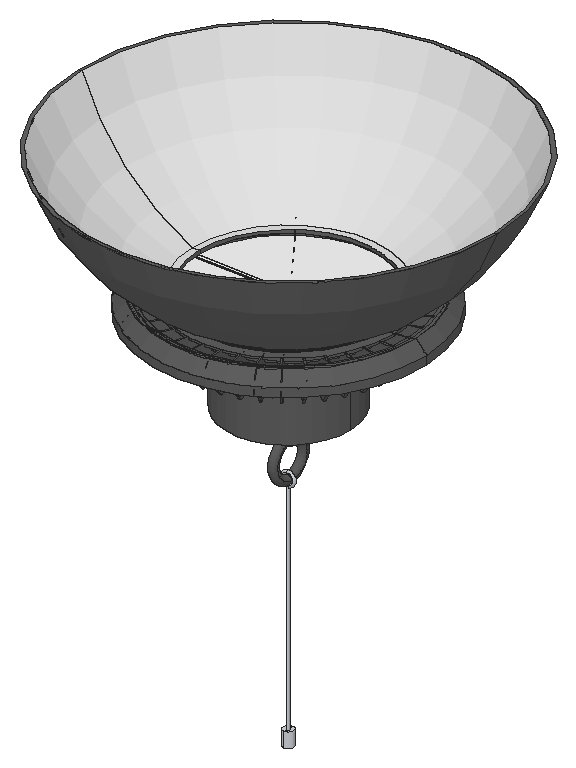
Revit family "0039347+0039357 Feilo Sylvania Lighting Fixture START HIGHBAY 4K 13KLM WIDE with ALU SHADE BLACK COLOR FOR 13_19KLM", category Lighting Fixtures, host Face, Revit 2017
Family settings
  Host = Face
  Round Connector Dimension = Use Diameter
  Part Type = Normal
  OmniClass Number = 23.80.70.00
  OmniClass Title = Lighting
  Cut with Voids When Loaded = No
  Light Source = Yes
  Shared = No
  Room Calculation Point = No
Parameters (values of type "0039347+0039357 START HIGHBAY 4K 13KLM WIDE ALU SHADE BLACK COLOR FOR 13/19KLM")
  WidthStraight_FEILO = if(SizeS_FEILO, 3 mm, if(SizeM_FEILO, 4 mm, 4.7 mm))  # 3 mm
  WidthRingChamfer_FEILO = if(SizeS_FEILO, 10.3 mm, if(SizeM_FEILO, 11.2 mm, 12.9 mm))  # 10.3 mm
  WidthCurved_FEILO = if(SizeS_FEILO, 17.4 mm, if(SizeM_FEILO, 16.4 mm, 26.2 mm))  # 17.4 mm
  WidthCurvedRing_FEILO = if(SizeS_FEILO, 3 mm, if(SizeM_FEILO, 4 mm, 4.7 mm))  # 3 mm
  WidthBracket_FEILO = 40 mm
  Weight = "3.0 kg"
  Wattage Comments = ""
  Wattage = 100 W
  WarrantyStartDate [instance] = "n/a"
  WarrantyGuarantorParts = "n/a"
  WarrantyDurationUnit = "n/a"
  WarrantyDurationParts = "n/a"
  WarrantyDescription = "n/a"
  built-in parameter 1150110 = 1 (stored number, unit not read)
  Voltage = 230 V
  VisibilityBracket_FEILO = no
  URL = "http://www.sylvania-lighting.com"
  TypeName = "START HIGHBAY 4K 13KLM WIDE ALU SHADE BLACK COLOR FOR 13/19KLM"
  Type Image = <None>
  Type Comments = "n/a"
  built-in parameter 1114217 = 1 (stored number, unit not read)
  Tilt Angle = -90.00°
  ThicknessWall_FEILO = 1.5 mm
  ThicknessBracket_FEILO = 1.5 mm
  ThicknessBracketHalf_FEILO = ThicknessBracket_FEILO / 2  # 0.75 mm
  built-in parameter 1150109 = 1 (stored number, unit not read)
  built-in parameter 1150134 = 12
  SuspensionHeight_FEILO [instance] = 400 mm
  built-in parameter 1150113 = 1 (stored number, unit not read)
  SizeS_FEILO = yes
  SizeM_FEILO = no
  ShadeThickness_FEILO = 3 mm
  ShadeSizeSM_FEILO = or(SizeS_FEILO, SizeM_FEILO)  # yes
  ShadeRadiusOut_FEILO = 205 mm
  ShadeRadiusIn_FEILO = if(ShadeSizeSM_FEILO, 95 mm, 121 mm)  # 95 mm
  ShadeRadiusBend_FEILO = if(ShadeSizeSM_FEILO, 210 mm, 210 mm)  # 210 mm
  ShadeHeight_FEILO = if(ShadeSizeSM_FEILO, 120 mm, 151 mm)  # 120 mm
  SerialNumber [instance] = "n/a"
  Rib4_FEILO = if(SizeS_FEILO, 18.1 mm, if(SizeM_FEILO, 13.6 mm, 14.6 mm))  # 18.1 mm
  Rib3_FEILO = if(SizeS_FEILO, 15.3 mm, if(SizeM_FEILO, 17.6 mm, 20.2 mm))  # 15.3 mm
  Rib2_FEILO = if(SizeS_FEILO, 3.6 mm, if(SizeM_FEILO, 3.9 mm, 4.5 mm))  # 3.6 mm
  Rib1_FEILO = if(SizeS_FEILO, 15.1 mm, if(SizeM_FEILO, 16.5 mm, 19 mm))  # 15.1 mm
  RadiusDiffuser_FEILO = if(SizeS_FEILO, 95.2 mm, if(SizeM_FEILO, 105.3 mm, 120 mm))  # 95.2 mm
  RadiusArrayPost_FEILO = DriverRadius_FEILO - 6 mm  # 55.4 mm
  RHRadius3_FEILO = if(SizeS_FEILO, 6.6 mm, if(SizeM_FEILO, 7.4 mm, 8.6 mm))  # 6.6 mm
  RHRadius2_FEILO = if(SizeS_FEILO, 11 mm, if(SizeM_FEILO, 12 mm, 14 mm))  # 11 mm
  RHRadius1_FEILO = if(SizeS_FEILO, 13.6 mm, if(SizeM_FEILO, 14.9 mm, 17.7 mm))  # 13.6 mm
  RHHeight4_FEILO = if(SizeS_FEILO, 7.3 mm, if(SizeM_FEILO, 8 mm, 9.2 mm))  # 7.3 mm
  RHHeight3_FEILO = if(SizeS_FEILO, 3.6 mm, if(SizeM_FEILO, 3.7 mm, 4.6 mm))  # 3.6 mm
  RHHeight2_FEILO = if(SizeS_FEILO, 2 mm, if(SizeM_FEILO, 2.2 mm, 2.6 mm))  # 2 mm
  RHHeight1_FEILO = if(SizeS_FEILO, 11.8 mm, if(SizeM_FEILO, 15.3 mm, 17.4 mm))  # 11.8 mm
  Photometric Web File = "0039347+0039357.ies"
  Material_5_FEILO = Shade-Sylvania-StartHighbay-Alu
  Material_3_FEILO = LED-Sylvania-StartHighbay-Glow
  PowerFactor = 0.95
  PowerConsumption = "100 W"
  NominalLength = 270 mm
  NominalHeight = 170 mm
  NominalDepth = 270 mm
  Name = "START HIGHBAY 4K 13KLM WIDE ALU SHADE BLACK COLOR FOR 13/19KLM"
  ModelReference = Name  # "START HIGHBAY 4K 13KLM WIDE ALU SHADE BLACK COLOR FOR 13/19KLM"
  ModelNumber = "0039347+0039357"
  Model = Name  # "START HIGHBAY 4K 13KLM WIDE ALU SHADE BLACK COLOR FOR 13/19KLM"
  Material = "aluminium alloy housing, polycarbonate diffuser"
  ManufacturerName = "Feilo Sylvania"
  Manufacturer = "Feilo Sylvania"
  LuminousEfficacy = "130 lm/W"
  built-in parameter 1150105 = 7435 (stored number, unit not read)
  Lumens = 13000 lm
  LuminaireType = ""
  built-in parameter 1150115 = 1 (stored number, unit not read)
  LightOutputRatio = "n/a"
  built-in parameter 1150137 = (empty or 0)
  built-in parameter 1150139 = (empty or 0)
  LampsType = Lamp  # "LED"
  LampNominalLuminous = "13000 lm"
  LampMacAdamStep = "n/a"
  LampColourTemperature = "4000 K"
  LampColourRenderingIndex = "80"
  built-in parameter 1150112 = 1 (stored number, unit not read)
  built-in parameter 1150114 = 1 (stored number, unit not read)
  Lamp = "LED"
  Keynote = "16500"
  InstallationDate [instance] = "n/a"
  InputVoltage = "220-240V~"
  InputNominalFrequency = "50/60 Hz"
  built-in parameter 1150132 = (empty or 0)
  built-in parameter 1150102 = (empty or 0)
  built-in parameter 1150107 = 4000 (stored number, unit not read)
  built-in parameter 1150138 = (empty or 0)
  IngressProtection = "IP65"
  ImpactProtectionIndex = "IK08"
  built-in parameter 1150106 = 74.35 (stored number, unit not read)
  IfcExportType = "IfcLightFixtureType"
  IfcExportAs = "IfcLightFixtureType"
  HeightRing_FEILO = if(SizeS_FEILO, 19.8 mm, if(SizeM_FEILO, 32 mm, 36.8 mm))  # 19.8 mm
  HeightRingChamfer_FEILO = if(SizeS_FEILO, 11.7 mm, if(SizeM_FEILO, 23.2 mm, 26.6 mm))  # 11.7 mm
  EyeThickness_FEILO = if(SizeS_FEILO, 8.4 mm, if(SizeM_FEILO, 9.2 mm, 10.5 mm))  # 8.4 mm
  EyeThicknessHalf_FEILO = EyeThickness_FEILO / 2  # 4.2 mm
  EyeInner_FEILO = if(SizeS_FEILO, 13.8 mm, if(SizeM_FEILO, 15.1 mm, 17.3 mm))  # 13.8 mm
  ExpectedLife = 50000
  Emit from Circle Diameter = RadiusDiffuser_FEILO * 2  # 190.4 mm
  Emit Shape Visible in Rendering = no
  ElectricShockClassification = "Class I"
  built-in parameter 1150104 = 12.077 (stored number, unit not read)
  DurationUnit = "hours"
  DriverVerticalStraight_FEILO = if(SizeS_FEILO, 46.5 mm, if(SizeM_FEILO, 49.7 mm, 57 mm))  # 46.5 mm
  DriverVerticalChamfer_FEILO = if(SizeS_FEILO, 7.5 mm, if(SizeM_FEILO, 8.2 mm, 9.5 mm))  # 7.5 mm
  DriverRadius_FEILO = if(SizeS_FEILO, 61.4 mm, if(SizeM_FEILO, 67.2 mm, 76.4 mm))  # 61.4 mm
  DriverRadiusTop_FEILO = if(SizeS_FEILO, 42 mm, if(SizeM_FEILO, 45.3 mm, 52.4 mm))  # 42 mm
  DriverBottom_FEILO = if(SizeS_FEILO, 56 mm, if(SizeM_FEILO, 64.5 mm, 74 mm))  # 56 mm
  DocumentationLiterature = "http://www.sylvania-lighting.com/product/en-int/products/0039347"
  DimmingControlOptions = "n/a"
  Material_2_FEILO = Diffuser-Sylvania-StartHighbay-Transparent
  Radius_FEILO = if(SizeS_FEILO, 135 mm, if(SizeM_FEILO, 148 mm, 169.5 mm))  # 135 mm
  Dimming Lamp Color Temperature Shift = <None>
  DiameterWire_FEILO = 3 mm
  DiameterWireSupport_FEILO = 10 mm
  Description = "START HIGHBAY, includes 1 m cables, black aluminium housing, 13000LM, 100W, 130lm/W, 4000K, Driver current: 2140mA, CR80, 90° beam angle, 1-10V dimmable,  IP65, IK08, 50,000 hrs (L70B50), (LxWxH) 270x270x170mm"
  Default Elevation = 1219.2 mm
  CreatedOn = "2/28/2018"
  CreatedBy = ""
  Cost = 0
  Color Filter = 16777215
  built-in parameter 1114216 [instance] = (empty or 0)
  ClassificationValue = "EF_70_80"
  ClassificationName = "Uniclass2015"
  Material_1_FEILO = Body-Sylvania-StartHighbay-Black
  BarCode [instance] = "n/a"
  built-in parameter 1114218 = 1 (stored number, unit not read)
  built-in parameter 1150133 = 10 (stored number, unit not read)
  AssetType = "Fixed"
  AssetIdentifier [instance] = "n/a"
  Assembly Code = "D5020200"
  Apparent Load = 100 VA
  Material_4_FEILO = Shade-Sylvania-StartHighbay-Black
Reference planes
  plane 1 "Center (Front/Back)": y = 0
  plane 2: z = 0
  plane 3 "Center (Left/Right)": x = 0
  plane 4: z = 400
  plane 5: x = -135
  plane 6: x = -124.7
  plane 7: z = 388.3
  plane 8: z = 380.2
  plane 9: x = -121.7
  plane 10: z = 397.375
  plane 11: x = -104.3
  plane 12: x = -95.2
  plane 13: x = -118.7
  plane 14: z = 398.375
  plane 15: z = 396.375
  plane 16: x = -92.2
  plane 17: z = 395.375
  plane 18: x = -133.5
  plane 19: x = -119.9
  plane 20: z = 376.6
  plane 21: x = -104.6
  plane 22: z = 358.5
  plane 23: x = -20
  plane 24: z = 344
  plane 25: x = -61.4
  plane 26: z = 297.5
  plane 27: x = -42
  plane 28: z = 290
  plane 29: x = -13.6
  plane 30: z = 278.2
  plane 31: z = 276.2
  plane 32: x = -11
  plane 33: z = 272.6
  plane 34: z = 265.3
  plane 35: x = -6.6
  plane 36: z = 251.5
  plane 37: z = 237.7
  plane 38: x = 4.2
  plane 39: x = -4.2
  plane 40: z = 229.3
  plane 41: z = 233.5
  plane 42: x = -129.1
  plane 43: x = -132.5
  plane 44: z = 378.7
  plane 45: x = -123.2
  plane 46: z = 320.75
  plane 47: y = -20
  plane 48: y = 20
  plane 49: x = 135
  plane 50: x = 124.7
  plane 51: x = 133.5
  plane 52: x = 129.1
  plane 53: x = 132.5
  plane 54: x = 123.2
  plane 55: z = 240.7
  plane 56: y = 1.5
  plane 57: y = -1.5
  plane 58: z = 239.2
  plane 59: z = 227.8
  plane 60: z = 226.3
  plane 61: y = -5
  plane 62: y = 5
  plane 63: z = 14
  plane 64: x = -205
  plane 65: z = 520
  plane 66: x = -95
  plane 67: x = -87
  plane 68: x = -202
  plane 69: z = 403
Forms (mm)
  Revolve 1, solid, material "Body-Sylvania-StartHighbay-Black" <- "Material_1_FEILO", detail levels medium+fine
    sketch origin (0, 0, 0) x (1, 0, 0) y (0, 0, 1)
      loop
        line (-135, 380.2) -> (-133.5, 380.2) -> (-133.5, 387.734) -> (-125.012, 397.375) -> (-118.7, 397.375) -> (-118.7, 399.16)
        arc (-118.7, 399.16) -> (-120.206, 399.56) -> (-121.7, 400) r 58.981
        line (-121.7, 400) -> (-124.241, 400)
        arc (-124.241, 400) -> (-124.657, 399.911) -> (-124.999, 399.66) r 1.015
        line (-124.999, 399.66) -> (-135, 388.3) -> (-135, 380.2)
      axis (0, 400) -> (0, 380.2)
    angle from 360 to 0
  Revolve 2, solid, material "Body-Sylvania-StartHighbay-Black" <- "Material_1_FEILO", detail levels medium+fine
    sketch origin (0, 0, 0) x (1, 0, 0) y (0, 0, 1)
      loop
        line (-104.3, 395.375) -> (-95.2, 395.375) -> (-95.2, 388.3) -> (0, 388.3) -> (0, 395.375) -> (-92.2, 395.375) -> (-92.2, 396.375) -> (-95.2, 396.375) -> (-95.2, 397.375) -> (-104.3, 397.375) -> (-104.3, 395.375)
      axis (0, 397.375) -> (0, 388.3)
    angle from 360 to 0
  Revolve 3, solid, material "Diffuser-Sylvania-StartHighbay-Transparent" <- "Material_2_FEILO", detail levels medium+fine
    sketch origin (0, 0, 0) x (1, 0, 0) y (0, 0, 1)
      loop
        line (-95.2, 396.375) -> (0, 396.375) -> (0, 398.375) -> (-95.2, 398.375) -> (-95.2, 396.375)
      axis (0, 398.375) -> (0, 396.375)
    angle from 360 to 0
  Revolve 4, solid, material "Body-Sylvania-StartHighbay-Black" <- "Material_1_FEILO"
    sketch origin (0, 0, 0) x (1, 0, 0) y (0, 0, 1)
      loop
        line (-61.4, 358.5) -> (-61.4, 297.5) -> (-42, 290) -> (-13.6, 290) -> (-13.6, 278.2) -> (-11, 276.2) -> (-11, 272.6) -> (-7.037, 266.026)
        arc (-7.037, 266.026) -> (-6.49, 265.494) -> (-5.753, 265.3) r 1.5
        line (-5.753, 265.3) -> (0, 265.3) -> (0, 358.5) -> (-61.4, 358.5)
      axis (0, 358.5) -> (0, 265.3)
    angle from 360 to 0
  Revolve 5, solid, material "Body-Sylvania-StartHighbay-Black" <- "Material_1_FEILO"
    sketch origin (0, 0, 0) x (1, 0, 0) y (0, 0, 1)
      loop
        circle (0, 233.5) r 4.2
      axis (4.2, 251.5) -> (-4.2, 251.5)
    angle from 360 to 0
  Extrusion 6, solid, material "Body-Sylvania-StartHighbay-Black" <- "Material_1_FEILO", visible <- "VisibilityBracket_FEILO"
    sketch origin (0, 0, 0) x (1, 0, 0) y (0, 0, 1)
      loop
        line (-132.5, 380.2) -> (-132.5, 378.7) -> (-125.45, 378.7)
        arc (-125.45, 378.7) -> (-124.92, 378.48) -> (-124.7, 377.95) r 0.75
        line (-124.7, 377.95) -> (-124.7, 320.75) -> (-123.2, 320.75) -> (-123.2, 378.7)
        arc (-123.2, 378.7) -> (-123.639, 379.761) -> (-124.7, 380.2) r 1.5
        line (-124.7, 380.2) -> (-132.5, 380.2)
      loop
        line (132.5, 380.2) -> (124.7, 380.2)
        arc (124.7, 380.2) -> (123.639, 379.761) -> (123.2, 378.7) r 1.5
        line (123.2, 378.7) -> (123.2, 320.75) -> (124.7, 320.75) -> (124.7, 377.95)
        arc (124.7, 377.95) -> (124.92, 378.48) -> (125.45, 378.7) r 0.75
        line (125.45, 378.7) -> (132.5, 378.7) -> (132.5, 380.2)
    from -20 to 20
  Extrusion 7, void
    sketch origin (0, 0, 0) x (0, 1, 0) y (0, 0, 1)
      loop
        arc (-10, 320.75) -> (-17.071, 323.679) -> (-20, 330.75) r 10
        line (-20, 330.75) -> (-25, 330.75) -> (-25, 315.75) -> (-10, 315.75) -> (-10, 320.75)
      loop
        line (10, 320.75) -> (10, 315.75) -> (25, 315.75) -> (25, 330.75) -> (20, 330.75)
        arc (20, 330.75) -> (17.071, 323.679) -> (10, 320.75) r 10
    from -124.7 to 124.7
  Revolve 8, solid, material "Body-Sylvania-StartHighbay-Black" <- "Material_1_FEILO", detail levels coarse
    sketch origin (0, 0, 0) x (1, 0, 0) y (0, 0, 1)
      loop
        line (0, 400) -> (-124.7, 400) -> (-135, 388.3) -> (-135, 380.2) -> (-119.9, 380.2) -> (-119.9, 376.6) -> (-104.6, 358.5) -> (0, 358.5) -> (0, 400)
      axis (0, 400) -> (0, 358.5)
    angle from 360 to 0
  Revolve 9, solid
    sketch origin (0, 0, 0) x (0, 1, 0) y (0, 0, 1)
      loop
        circle (0, 239.2) r 1.5
      axis (1.5, 233.5) -> (-1.5, 233.5)
    angle from 360 to 0
  Revolve 10, solid
    sketch origin (0, 0, 0) x (0, 1, 0) y (0, 0, 1)
      loop
        line (0, 0) -> (0, 227.8) -> (-1.5, 227.8) -> (-1.5, 14) -> (-5, 14) -> (-5, 0) -> (0, 0)
      axis (0, 0) -> (0, 227.8)
    angle from 360 to 0
  Revolve 11, solid, material "Shade-Sylvania-StartHighbay-Black" <- "Material_4_FEILO"
    sketch origin (0, 0, 0) x (1, 0, 0) y (0, 0, 1)
      loop
        line (-95, 400) -> (-87, 400) -> (-87, 403) -> (-94.341, 403)
        arc (-94.341, 403) -> (-159.747, 450.78) -> (-201.81, 520) r 207
        line (-201.81, 520) -> (-205, 520)
        arc (-205, 520) -> (-162.101, 448.908) -> (-95, 400) r 210
      axis (0, 520) -> (0, 400)
    angle from 360 to 0
Cuts and joins
  Extrusion 7 cuts Extrusion 6
Lines and regions (mm)
  reference lines
    curve 1: line (-135, 0, 388.3) -> (-124.7, 0, 400)
    curve 2: line (-104.3, 0, 397.375) -> (0, 0, 397.375)
    curve 3: arc (-104.3, 0, 397.375) -> (-113.098, 0, 398.035) -> (-121.7, 0, 400) r 58.981
    curve 4: line (-124.7, 0, 400) -> (-121.7, 0, 400)
    curve 5: line (-125.012, 0, 397.375) -> (-133.5, 0, 387.734)
    curve 6: line (-119.9, 0, 376.6) -> (-104.6, 0, 358.5)
    curve 7: line (-11, 0, 272.6) -> (-6.6, 0, 265.3)
    curve 8: circle (0, 0, 233.5) r 4.2 normal (0, -1, 0)
    curve 9: arc (-95, 0, 400) -> (-162.101, 0, 448.908) -> (-205, 0, 520) r 210
Dimensions and locks
  "Radius_FEILO": plane 3 "Center (Left/Right)" to plane 5
  "WidthRingChamfer_FEILO": plane 6 to plane 5
  "WidthStraight_FEILO": plane 9 to plane 6
  "WidthCurvedRing_FEILO": plane 13 to plane 9
  locked: plane 10 to plane 15 at 1
  locked: plane 14 to plane 10 at 1
  locked: plane 4 to plane 10 at 2.625
  locked: plane 15 to plane 17 at 1
  "ThicknessWall_FEILO": plane 18 to plane 5
  "ThicknessWall_FEILO": curve 5 to curve 1
  "HeightRingChamfer_FEILO": plane 4 to plane 7
  "HeightRing_FEILO": plane 4 to plane 8
  "RadiusDiffuser_FEILO": plane 3 "Center (Left/Right)" to plane 12
  locked: plane 16 to plane 12 at 3
  "WidthCurved_FEILO": plane 11 to plane 9
  "SuspensionHeight_FEILO": plane 4 to plane 2
  "Rib1_FEILO": plane 19 to plane 5
  "Rib2_FEILO": plane 8 to plane 20
  "Rib3_FEILO": plane 21 to plane 19
  "Rib4_FEILO": plane 20 to plane 22
  locked: plane 3 "Center (Left/Right)" to plane 23 at 20
  "DriverBottom_FEILO": plane 4 to plane 24
  "DriverRadius_FEILO": plane 3 "Center (Left/Right)" to plane 25
  "DriverVerticalStraight_FEILO": plane 24 to plane 26
  "DriverRadiusTop_FEILO": plane 3 "Center (Left/Right)" to plane 27
  "DriverVerticalChamfer_FEILO": plane 26 to plane 28
  "RHRadius1_FEILO": plane 3 "Center (Left/Right)" to plane 29
  "RHHeight2_FEILO": plane 30 to plane 31
  "RHRadius2_FEILO": plane 3 "Center (Left/Right)" to plane 32
  "RHHeight3_FEILO": plane 31 to plane 33
  "RHHeight4_FEILO": plane 33 to plane 34
  "RHRadius3_FEILO": plane 3 "Center (Left/Right)" to plane 35
  "RHHeight1_FEILO": plane 28 to plane 30
  "EyeInner_FEILO": plane 34 to plane 36
  "EyeInner_FEILO": plane 36 to plane 37
  equal spacing: plane 38, plane 3 "Center (Left/Right)", plane 39
  "EyeThickness_FEILO": plane 38 to plane 39
  "EyeThickness_FEILO": plane 37 to plane 40
  equal spacing: plane 37, plane 41, plane 40
  equal spacing: plane 6, plane 42, plane 18
  "ThicknessBracket_FEILO": plane 45 to plane 6
  "ThicknessBracket_FEILO": plane 8 to plane 44
  locked: plane 43 to plane 18 at 1
  equal spacing: plane 24, plane 46, plane 26
  equal spacing: plane 47, plane 1 "Center (Front/Back)", plane 48
  "WidthBracket_FEILO": plane 47 to plane 48
  "WidthRingChamfer_FEILO": plane 50 to plane 49
  "ThicknessWall_FEILO": plane 51 to plane 49
  equal spacing: plane 50, plane 52, plane 51
  "ThicknessBracket_FEILO": plane 54 to plane 50
  locked: plane 53 to plane 51 at 1
  "Radius_FEILO": plane 49 to plane 3 "Center (Left/Right)"
  equal spacing: plane 57, imposter light, plane 56
  "DiameterWire_FEILO": plane 57 to plane 56
  "DiameterWire_FEILO": plane 37 to plane 55
  equal spacing: plane 37, plane 58, plane 55
  "DiameterWire_FEILO": plane 60 to plane 40
  equal spacing: plane 60, plane 59, plane 40
  equal spacing: plane 61, plane 1 "Center (Front/Back)", plane 62
  "DiameterWireSupport_FEILO": plane 61 to plane 62
  locked: plane 63 to plane 2 at 14
  "ShadeRadiusOut_FEILO": plane 3 "Center (Left/Right)" to plane 64
  "ShadeHeight_FEILO": plane 65 to plane 4
  "ShadeRadiusIn_FEILO": plane 3 "Center (Left/Right)" to plane 66
  locked: plane 67 to plane 66 at 8
  "ShadeThickness_FEILO": plane 69 to plane 4
  "ShadeThickness_FEILO": plane 68 to plane 64
  "EyeThicknessHalf_FEILO": radius of curve 8
  "ThicknessBracket_FEILO": radius of Extrusion 6 sketch curve  (x2)
  "ThicknessBracketHalf_FEILO": radius of Extrusion 6 sketch curve  (x2)
  "DiameterWire_FEILO": diameter of Revolve 9 sketch curve
  "ShadeRadiusBend_FEILO": radius of curve 9
  aligned and locked: plane 2 to host face
  aligned and locked: level to host face
  aligned and locked: plane 5 to curve 1
  aligned and locked: plane 6 to curve 1
  aligned and locked: plane 7 to curve 1
  aligned and locked: plane 10 to curve 2
  aligned and locked: plane 9 to curve 3
  aligned and locked: plane 4 to curve 3
  aligned and locked: plane 11 to curve 3
  aligned and locked: plane 4 to curve 4
  aligned and locked: plane 18 to curve 5
  aligned and locked: plane 10 to curve 5
  aligned and locked: Revolve 1 sketch curve to plane 3 "Center (Left/Right)"
  aligned and locked: Revolve 1 sketch curve to curve 3
  aligned and locked: Revolve 1 sketch curve to curve 1
  aligned and locked: plane 4 to Revolve 1 sketch curve
  aligned and locked: plane 9 to Revolve 1 sketch curve
  aligned and locked: Revolve 1 sketch curve to plane 13
  aligned and locked: Revolve 1 sketch curve to plane 10
  aligned and locked: plane 13 to Revolve 1 sketch curve
  aligned and locked: plane 10 to Revolve 1 sketch curve
  aligned and locked: Revolve 1 sketch curve to plane 18
  aligned and locked: Revolve 1 sketch curve to plane 8
  aligned and locked: plane 5 to Revolve 1 sketch curve  (x2)
  aligned and locked: Revolve 2 sketch curve to plane 3 "Center (Left/Right)"
  aligned and locked: plane 11 to Revolve 2 sketch curve
  aligned and locked: Revolve 2 sketch curve to curve 2
  aligned and locked: plane 15 to Revolve 2 sketch curve
  aligned and locked: Revolve 2 sketch curve to plane 16
  aligned and locked: plane 17 to Revolve 2 sketch curve  (x2)
  aligned and locked: Revolve 2 sketch curve to plane 12
  aligned and locked: plane 7 to Revolve 2 sketch curve
  aligned and locked: Revolve 3 sketch curve to plane 3 "Center (Left/Right)"
  aligned and locked: Revolve 3 sketch curve to plane 14
  aligned and locked: plane 3 "Center (Left/Right)" to Revolve 3 sketch curve
  aligned and locked: Revolve 3 sketch curve to plane 12
  aligned and locked: plane 15 to Revolve 3 sketch curve
  aligned and locked: Revolve 1 sketch curve to curve 5
  aligned and locked: plane 22 to curve 6
  aligned and locked: plane 21 to curve 6
  aligned and locked: plane 20 to curve 6
  aligned and locked: plane 19 to curve 6
  aligned and locked: plane 33 to curve 7
  aligned and locked: plane 32 to curve 7
  aligned and locked: plane 35 to curve 7
  aligned and locked: plane 34 to curve 7
  aligned and locked: Revolve 4 sketch curve to plane 3 "Center (Left/Right)"
  aligned and locked: Revolve 4 sketch curve to plane 25
  aligned and locked: plane 27 to Revolve 4 sketch curve
  aligned and locked: plane 28 to Revolve 4 sketch curve
  aligned and locked: plane 30 to Revolve 4 sketch curve
  aligned and locked: Revolve 4 sketch curve to plane 29
  aligned and locked: plane 31 to Revolve 4 sketch curve
  aligned and locked: Revolve 4 sketch curve to curve 7
  aligned and locked: Revolve 4 sketch curve to plane 32
  aligned and locked: plane 34 to Revolve 4 sketch curve
  aligned and locked: plane 3 "Center (Left/Right)" to Revolve 4 sketch curve
  aligned and locked: plane 3 "Center (Left/Right)" to curve 8
  aligned and locked: plane 41 to curve 8
  aligned and locked: Revolve 5 sketch curve to plane 36
  aligned and locked: Revolve 5 sketch curve to curve 8
  aligned and locked: plane 43 to Extrusion 6 sketch curve  (x2)
  aligned and locked: plane 8 to Extrusion 6 sketch curve  (x3)
  aligned and locked: Extrusion 6 sketch curve to plane 45
  aligned and locked: Extrusion 6 sketch curve to plane 46  (x2)
  aligned and locked: plane 6 to Extrusion 6 sketch curve
  aligned and locked: Extrusion 6 sketch curve to plane 44  (x2)
  aligned and locked: Extrusion 6 to plane 48
  aligned and locked: plane 47 to Extrusion 6
  aligned and locked: plane 53 to Extrusion 6 sketch curve
  aligned and locked: plane 50 to Extrusion 6 sketch curve
  aligned and locked: Extrusion 6 sketch curve to plane 54
  aligned and locked: Extrusion 7 sketch curve to Extrusion 7 sketch curve
  aligned and locked: Extrusion 7 to plane 6
  aligned and locked: Extrusion 7 to Extrusion 6
  aligned and locked: Revolve 4 sketch curve to plane 22
  aligned and locked: plane 23 to nested 1
  aligned and locked: plane 1 "Center (Front/Back)" to nested 1
  aligned and locked: Revolve 8 sketch curve to plane 3 "Center (Left/Right)"
  aligned and locked: Revolve 8 sketch curve to plane 4
  aligned and locked: plane 6 to Revolve 8 sketch curve
  aligned and locked: plane 4 to Revolve 8 sketch curve
  aligned and locked: plane 7 to Revolve 8 sketch curve
  aligned and locked: Revolve 8 sketch curve to plane 5
  aligned and locked: plane 8 to Revolve 8 sketch curve  (x2)
  aligned and locked: Revolve 8 sketch curve to plane 19
  aligned and locked: plane 20 to Revolve 8 sketch curve
  aligned and locked: plane 19 to Revolve 8 sketch curve
  aligned and locked: plane 21 to Revolve 8 sketch curve
  aligned and locked: plane 22 to Revolve 8 sketch curve  (x2)
  aligned and locked: Revolve 8 sketch curve to Revolve 8 sketch curve
  aligned and locked: imposter light to plane 4
  aligned and locked: plane 3 "Center (Left/Right)" to imposter light
  aligned and locked: imposter light to plane 1 "Center (Front/Back)"
  aligned and locked: Revolve 9 sketch curve to plane 41
  aligned and locked: Revolve 10 sketch curve to plane 1 "Center (Front/Back)"
  aligned and locked: plane 1 "Center (Front/Back)" to Revolve 10 sketch curve  (x2)
  aligned and locked: host face to Revolve 10 sketch curve
  aligned and locked: plane 63 to Revolve 10 sketch curve
  aligned and locked: Revolve 10 sketch curve to plane 61
  aligned and locked: Revolve 10 sketch curve to plane 57
  aligned and locked: plane 59 to Revolve 10 sketch curve
  aligned and locked: plane 64 to curve 9
  aligned and locked: plane 65 to curve 9
  aligned and locked: plane 66 to curve 9
  aligned and locked: plane 4 to curve 9
  aligned and locked: Revolve 11 sketch curve to curve 9
  aligned and locked: plane 67 to Revolve 11 sketch curve
  aligned and locked: plane 66 to Revolve 11 sketch curve
  aligned and locked: plane 65 to Revolve 11 sketch curve  (x2)
  aligned and locked: Revolve 11 sketch curve to plane 67
  aligned and locked: plane 69 to Revolve 11 sketch curve
Automatic sketch dimensions
  host sketch curve to host sketch curve = 2438.4 mm  (x2)
  Revolve 1 sketch curve to plane 6 = 0.299 mm
  plane 6 to Revolve 1 sketch curve = 0.459 mm
  Revolve 1 sketch curve to level = 609.6 mm
  Revolve 1 sketch curve to Revolve 1 sketch curve = 2312.223 mm
  Revolve 2 sketch curve to plane 12 = 0 mm
  Revolve 2 sketch curve to plane 3 "Center (Left/Right)" = 0 mm
  Revolve 2 sketch curve to level = 609.6 mm
  Revolve 2 sketch curve to plane 4 = 2339.058 mm
  Revolve 3 sketch curve to level = 609.6 mm
  Revolve 3 sketch curve to plane 4 = 2339.058 mm
  Revolve 5 sketch curve to plane 5 = 1080 mm
  plane 38 to Revolve 5 sketch curve = 1219.2 mm
  Extrusion 7 sketch curve to plane 47 = 0 mm
  plane 46 to Extrusion 7 sketch curve = 0 mm  (x2)
  Extrusion 7 sketch curve to plane 48 = 0 mm
  plane 47 to Extrusion 7 sketch curve = 5 mm
  plane 1 "Center (Front/Back)" to Extrusion 7 sketch curve = 10 mm
  Extrusion 7 sketch curve to Extrusion 7 sketch curve = 10 mm
  plane 46 to Extrusion 7 sketch curve = 5 mm
  Extrusion 7 sketch curve to Extrusion 7 sketch curve = 5 mm
  Extrusion 7 sketch curve to plane 48 = 5 mm
  Revolve 4 sketch curve to plane 26 = 0 mm
  Revolve 4 sketch curve to plane 35 = 0.437 mm
  plane 35 to Revolve 4 sketch curve = 0.847 mm
  Revolve 4 sketch curve to plane 34 = 0.726 mm
  plane 40 to Revolve 4 sketch curve = 590.2 mm
  Revolve 4 sketch curve to plane 4 = 2339.058 mm
  Revolve 8 sketch curve to level = 609.6 mm
  Revolve 8 sketch curve to Revolve 8 sketch curve = 2386.058 mm
  Revolve 9 sketch curve to plane 1 "Center (Front/Back)" = 0 mm
  plane 58 to Revolve 9 sketch curve = 0 mm
  plane 47 to Revolve 9 sketch curve = 2534.941 mm
  Revolve 9 sketch curve to plane 48 = 2077.409 mm
  Revolve 10 sketch curve to Revolve 10 sketch curve = 609.6 mm
  Revolve 10 sketch curve to plane 4 = 2123.807 mm
  curve 2 to plane 3 "Center (Left/Right)" = 0 mm
  Revolve 11 sketch curve to Revolve 11 sketch curve = 0 mm  (x2)
  Revolve 11 sketch curve to plane 3 "Center (Left/Right)" = 0 mm
  plane 66 to Revolve 11 sketch curve = 0.659 mm
  Revolve 11 sketch curve to level = 609.6 mm
  Revolve 11 sketch curve to Revolve 11 sketch curve = 2068.248 mm
Nested families
  nested 1: "Start Highbay Rib" at (0, 0, 397.375), type "Type Name", detail levels medium+fine
    with SuspensionHeight_FEILO 2.6 mm
  nested 2: "Start Highbay Rib" at (0, 0, 397.375) x (0.9877, 0.1564, 0) z (0, 0, 1), type "Type Name", detail levels medium+fine
    with SuspensionHeight_FEILO 2.6 mm
  nested 3: "Start Highbay Rib" at (0, 0, 397.375) x (0.9511, 0.309, 0) z (0, 0, 1), type "Type Name", detail levels medium+fine
    with SuspensionHeight_FEILO 2.6 mm
  nested 4: "Start Highbay Rib" at (0, 0, 397.375) x (0.891, 0.454, 0) z (0, 0, 1), type "Type Name", detail levels medium+fine
    with SuspensionHeight_FEILO 2.6 mm
  nested 5: "Start Highbay Rib" at (0, 0, 397.375) x (0.809, 0.5878, 0) z (0, 0, 1), type "Type Name", detail levels medium+fine
    with SuspensionHeight_FEILO 2.6 mm
  nested 6: "Start Highbay Rib" at (0, 0, 397.375) x (0.7071, 0.7071, 0) z (0, 0, 1), type "Type Name", detail levels medium+fine
    with SuspensionHeight_FEILO 2.6 mm
  nested 7: "Start Highbay Rib" at (0, 0, 397.375) x (0.5878, 0.809, 0) z (0, 0, 1), type "Type Name", detail levels medium+fine
    with SuspensionHeight_FEILO 2.6 mm
  nested 8: "Start Highbay Rib" at (0, 0, 397.375) x (0.454, 0.891, 0) z (0, 0, 1), type "Type Name", detail levels medium+fine
    with SuspensionHeight_FEILO 2.6 mm
  nested 9: "Start Highbay Rib" at (0, 0, 397.375) x (0.309, 0.9511, 0) z (0, 0, 1), type "Type Name", detail levels medium+fine
    with SuspensionHeight_FEILO 2.6 mm
  nested 10: "Start Highbay Rib" at (0, 0, 397.375) x (0.1564, 0.9877, 0) z (0, 0, 1), type "Type Name", detail levels medium+fine
    with SuspensionHeight_FEILO 2.6 mm
  nested 11: "Start Highbay Rib" at (0, 0, 397.375) x (0, 1, 0) z (0, 0, 1), type "Type Name", detail levels medium+fine
    with SuspensionHeight_FEILO 2.6 mm
  nested 12: "Start Highbay Rib" at (0, 0, 397.375) x (-0.1564, 0.9877, 0) z (0, 0, 1), type "Type Name", detail levels medium+fine
    with SuspensionHeight_FEILO 2.6 mm
  nested 13: "Start Highbay Rib" at (0, 0, 397.375) x (-0.309, 0.9511, 0) z (0, 0, 1), type "Type Name", detail levels medium+fine
    with SuspensionHeight_FEILO 2.6 mm
  nested 14: "Start Highbay Rib" at (0, 0, 397.375) x (-0.454, 0.891, 0) z (0, 0, 1), type "Type Name", detail levels medium+fine
    with SuspensionHeight_FEILO 2.6 mm
  nested 15: "Start Highbay Rib" at (0, 0, 397.375) x (-0.5878, 0.809, 0) z (0, 0, 1), type "Type Name", detail levels medium+fine
    with SuspensionHeight_FEILO 2.6 mm
  nested 16: "Start Highbay Rib" at (0, 0, 397.375) x (-0.7071, 0.7071, 0) z (0, 0, 1), type "Type Name", detail levels medium+fine
    with SuspensionHeight_FEILO 2.6 mm
  nested 17: "Start Highbay Rib" at (0, 0, 397.375) x (-0.809, 0.5878, 0) z (0, 0, 1), type "Type Name", detail levels medium+fine
    with SuspensionHeight_FEILO 2.6 mm
  nested 18: "Start Highbay Rib" at (0, 0, 397.375) x (-0.891, 0.454, 0) z (0, 0, 1), type "Type Name", detail levels medium+fine
    with SuspensionHeight_FEILO 2.6 mm
  nested 19: "Start Highbay Rib" at (0, 0, 397.375) x (-0.9511, 0.309, 0) z (0, 0, 1), type "Type Name", detail levels medium+fine
    with SuspensionHeight_FEILO 2.6 mm
  nested 20: "Start Highbay Rib" at (0, 0, 397.375) x (-0.9877, 0.1564, 0) z (0, 0, 1), type "Type Name", detail levels medium+fine
    with SuspensionHeight_FEILO 2.6 mm
  nested 21: "Start Highbay Rib" at (0, 0, 397.375) x (-1, 0, 0) z (0, 0, 1), type "Type Name", detail levels medium+fine
    with SuspensionHeight_FEILO 2.6 mm
  nested 22: "Start Highbay Rib" at (0, 0, 397.375) x (-0.9877, -0.1564, 0) z (0, 0, 1), type "Type Name", detail levels medium+fine
    with SuspensionHeight_FEILO 2.6 mm
  nested 23: "Start Highbay Rib" at (0, 0, 397.375) x (-0.9511, -0.309, 0) z (0, 0, 1), type "Type Name", detail levels medium+fine
    with SuspensionHeight_FEILO 2.6 mm
  nested 24: "Start Highbay Rib" at (0, 0, 397.375) x (-0.891, -0.454, 0) z (0, 0, 1), type "Type Name", detail levels medium+fine
    with SuspensionHeight_FEILO 2.6 mm
  nested 25: "Start Highbay Rib" at (0, 0, 397.375) x (-0.809, -0.5878, 0) z (0, 0, 1), type "Type Name", detail levels medium+fine
    with SuspensionHeight_FEILO 2.6 mm
  nested 26: "Start Highbay Rib" at (0, 0, 397.375) x (-0.7071, -0.7071, 0) z (0, 0, 1), type "Type Name", detail levels medium+fine
    with SuspensionHeight_FEILO 2.6 mm
  nested 27: "Start Highbay Rib" at (0, 0, 397.375) x (-0.5878, -0.809, 0) z (0, 0, 1), type "Type Name", detail levels medium+fine
    with SuspensionHeight_FEILO 2.6 mm
  nested 28: "Start Highbay Rib" at (0, 0, 397.375) x (-0.454, -0.891, 0) z (0, 0, 1), type "Type Name", detail levels medium+fine
    with SuspensionHeight_FEILO 2.6 mm
  nested 29: "Start Highbay Rib" at (0, 0, 397.375) x (-0.309, -0.9511, 0) z (0, 0, 1), type "Type Name", detail levels medium+fine
    with SuspensionHeight_FEILO 2.6 mm
  nested 30: "Start Highbay Rib" at (0, 0, 397.375) x (-0.1564, -0.9877, 0) z (0, 0, 1), type "Type Name", detail levels medium+fine
    with SuspensionHeight_FEILO 2.6 mm
  nested 31: "Start Highbay Rib" at (0, 0, 397.375) x (0, -1, 0) z (0, 0, 1), type "Type Name", detail levels medium+fine
    with SuspensionHeight_FEILO 2.6 mm
  nested 32: "Start Highbay Rib" at (0, 0, 397.375) x (0.1564, -0.9877, 0) z (0, 0, 1), type "Type Name", detail levels medium+fine
    with SuspensionHeight_FEILO 2.6 mm
  nested 33: "Start Highbay Rib" at (0, 0, 397.375) x (0.309, -0.9511, 0) z (0, 0, 1), type "Type Name", detail levels medium+fine
    with SuspensionHeight_FEILO 2.6 mm
  nested 34: "Start Highbay Rib" at (0, 0, 397.375) x (0.454, -0.891, 0) z (0, 0, 1), type "Type Name", detail levels medium+fine
    with SuspensionHeight_FEILO 2.6 mm
  nested 35: "Start Highbay Rib" at (0, 0, 397.375) x (0.5878, -0.809, 0) z (0, 0, 1), type "Type Name", detail levels medium+fine
    with SuspensionHeight_FEILO 2.6 mm
  nested 36: "Start Highbay Rib" at (0, 0, 397.375) x (0.7071, -0.7071, 0) z (0, 0, 1), type "Type Name", detail levels medium+fine
    with SuspensionHeight_FEILO 2.6 mm
  nested 37: "Start Highbay Rib" at (0, 0, 397.375) x (0.809, -0.5878, 0) z (0, 0, 1), type "Type Name", detail levels medium+fine
    with SuspensionHeight_FEILO 2.6 mm
  nested 38: "Start Highbay Rib" at (0, 0, 397.375) x (0.891, -0.454, 0) z (0, 0, 1), type "Type Name", detail levels medium+fine
    with SuspensionHeight_FEILO 2.6 mm
  nested 39: "Start Highbay Rib" at (0, 0, 397.375) x (0.9511, -0.309, 0) z (0, 0, 1), type "Type Name", detail levels medium+fine
    with SuspensionHeight_FEILO 2.6 mm
  nested 40: "Start Highbay Rib" at (0, 0, 397.375) x (0.9877, -0.1564, 0) z (0, 0, 1), type "Type Name", detail levels medium+fine
    with SuspensionHeight_FEILO 2.6 mm
Connectors
  electrical at (0, 0, 0), driven by "Apparent Load", driven by "PowerFactor", driven by "Voltage"
    settings: index 1, voltage 230 V, apparent load 100 VA, apparent load phase1 0 VA, apparent load phase2 0 VA, apparent load phase3 0 VA, power factor 0.95, load classification "Lighting", number of poles 1, system type 30, power factor state 1, is connector primary yes, connector utility no, sub classification motor no, connector description ""
Definition of nested family "Start Highbay Rib"
  Parameters (values of type "Type Name")
    WidthStraight_FEILO = if(SizeS_FEILO, 3 mm, if(SizeM_FEILO, 4 mm, 4.7 mm))  # 3 mm
    WidthRingChamfer_FEILO = if(SizeS_FEILO, 10.3 mm, if(SizeM_FEILO, 11.2 mm, 12.9 mm))  # 10.3 mm
    WidthCurved_FEILO = if(SizeS_FEILO, 17.4 mm, if(SizeM_FEILO, 16.4 mm, 26.2 mm))  # 17.4 mm
    WidthCurvedRing_FEILO = if(SizeS_FEILO, 3 mm, if(SizeM_FEILO, 4 mm, 4.7 mm))  # 3 mm
    WidthBracket_FEILO = 40 mm
    URL = "http://www.feilosylvania.com"
    Type Image = (empty or 0)
    Type Comments = "n/a"
    ThicknessWall_FEILO = 1.5 mm
    ThicknessBracket_FEILO = 1.5 mm
    ThicknessBracketHalf_FEILO = ThicknessBracket_FEILO / 2  # 0.75 mm
    SuspensionHeight_FEILO [instance] = 2.6 mm
    SizeS_FEILO = yes
    SizeM_FEILO = no
    Rib4_FEILO = if(SizeS_FEILO, 18.1 mm, if(SizeM_FEILO, 13.6 mm, 14.6 mm))  # 18.1 mm
    Rib3_FEILO = if(SizeS_FEILO, 15.3 mm, if(SizeM_FEILO, 17.6 mm, 20.2 mm))  # 15.3 mm
    Rib2_FEILO = if(SizeS_FEILO, 3.6 mm, if(SizeM_FEILO, 3.9 mm, 4.5 mm))  # 3.6 mm
    Rib1_FEILO = if(SizeS_FEILO, 15.1 mm, if(SizeM_FEILO, 16.5 mm, 19 mm))  # 15.1 mm
    RadiusRib_FEILO = 2 mm
    RadiusDiffuser_FEILO = if(SizeS_FEILO, 95.2 mm, if(SizeM_FEILO, 105.3 mm, 120 mm))  # 95.2 mm
    RHRadius3_FEILO = if(SizeS_FEILO, 6.6 mm, if(SizeM_FEILO, 7.4 mm, 8.6 mm))  # 6.6 mm
    RHRadius2_FEILO = if(SizeS_FEILO, 11 mm, if(SizeM_FEILO, 12 mm, 14 mm))  # 11 mm
    RHRadius1_FEILO = if(SizeS_FEILO, 13.6 mm, if(SizeM_FEILO, 14.9 mm, 17.7 mm))  # 13.6 mm
    RHHeight4_FEILO = if(SizeS_FEILO, 7.3 mm, if(SizeM_FEILO, 8 mm, 9.2 mm))  # 7.3 mm
    RHHeight3_FEILO = if(SizeS_FEILO, 3.6 mm, if(SizeM_FEILO, 3.7 mm, 4.6 mm))  # 3.6 mm
    RHHeight2_FEILO = if(SizeS_FEILO, 2 mm, if(SizeM_FEILO, 2.2 mm, 2.6 mm))  # 2 mm
    RHHeight1_FEILO = if(SizeS_FEILO, 11.8 mm, if(SizeM_FEILO, 15.3 mm, 17.4 mm))  # 11.8 mm
    Material_3_FEILO = none
    Model = ""
    Manufacturer = "Feilo Sylvania"
    Keynote = "16500"
    HeightRing_FEILO = if(SizeS_FEILO, 19.8 mm, if(SizeM_FEILO, 32 mm, 36.8 mm))  # 19.8 mm
    HeightRingChamfer_FEILO = if(SizeS_FEILO, 11.7 mm, if(SizeM_FEILO, 23.2 mm, 26.6 mm))  # 11.7 mm
    EyeThickness_FEILO = if(SizeS_FEILO, 8.4 mm, if(SizeM_FEILO, 9.2 mm, 10.5 mm))  # 8.4 mm
    EyeThicknessHalf_FEILO = EyeThickness_FEILO / 2  # 4.2 mm
    EyeInner_FEILO = if(SizeS_FEILO, 13.8 mm, if(SizeM_FEILO, 15.1 mm, 17.3 mm))  # 13.8 mm
    DriverVerticalStraight_FEILO = if(SizeS_FEILO, 46.5 mm, if(SizeM_FEILO, 49.7 mm, 57 mm))  # 46.5 mm
    DriverVerticalChamfer_FEILO = if(SizeS_FEILO, 7.5 mm, if(SizeM_FEILO, 8.2 mm, 9.5 mm))  # 7.5 mm
    DriverRadius_FEILO = if(SizeS_FEILO, 61.4 mm, if(SizeM_FEILO, 67.2 mm, 76.4 mm))  # 61.4 mm
    DriverRadiusTop_FEILO = if(SizeS_FEILO, 42 mm, if(SizeM_FEILO, 45.3 mm, 52.4 mm))  # 42 mm
    DriverBottom_FEILO = if(SizeS_FEILO, 56 mm, if(SizeM_FEILO, 64.5 mm, 74 mm))  # 56 mm
    Material_2_FEILO = none
    Radius_FEILO = if(SizeS_FEILO, 135 mm, if(SizeM_FEILO, 148 mm, 169.5 mm))  # 135 mm
    Description = ""
    Default Elevation = 1219.2 mm
    Cost = 0
    Material_1_FEILO = none
    Assembly Code = "D5020200"
    Material_4_FEILO = none
  Reference planes
    plane 1 "Center (Front/Back)": y = 0
    plane 2: z = 0
    plane 3 "Center (Left/Right)": x = 0
    plane 4: z = 2.6
    plane 5: x = -135
    plane 6: x = -124.7
    plane 7: z = -9.1
    plane 8: z = -17.2
    plane 9: x = -121.7
    plane 10: z = -0.025
    plane 11: x = -104.3
    plane 12: x = -95.2
    plane 13: x = -118.7
    plane 14: z = 0.975
    plane 15: z = -1.025
    plane 16: x = -92.2
    plane 17: z = -2.025
    plane 18: x = -133.5
    plane 19: x = -119.9
    plane 20: z = -20.8
    plane 21: x = -104.6
    plane 22: z = -38.9
    plane 23: x = -20
    plane 24: z = -53.4
    plane 25: x = -61.4
    plane 26: z = -99.9
    plane 27: x = -42
    plane 28: z = -107.4
    plane 29: x = -13.6
    plane 30: z = -119.2
    plane 31: z = -121.2
    plane 32: x = -11
    plane 33: z = -124.8
    plane 34: z = -132.1
    plane 35: x = -6.6
    plane 36: z = -145.9
    plane 37: z = -159.7
    plane 38: x = 4.2
    plane 39: x = -4.2
    plane 40: z = -168.1
    plane 41: z = -163.9
    plane 42: x = -129.1
    plane 43: x = -132.5
    plane 44: z = -18.7
    plane 45: x = -123.2
    plane 46: z = -76.65
    plane 47: y = -20
    plane 48: y = 20
    plane 49: x = 135
    plane 50: x = 124.7
    plane 51: x = 133.5
    plane 52: x = 129.1
    plane 53: x = 132.5
    plane 54: x = 123.2
    plane 55: y = 0.75
    plane 56: y = -0.75
  Forms (mm)
    Extrusion 1, solid
      sketch origin (4.2, 0, 0) x (1, 0, 0) y (0, 1, 0)
        loop
          line (-1219.2, 1219.2) -> (-1219.2, -1219.2) -> (1219.2, -1219.2) -> (1219.2, 1219.2) -> (-1219.2, 1219.2)
      from 0 to -68.017
    Extrusion 2, solid, material <- "Material_1_FEILO"
      sketch origin (0, 0, 0) x (1, 0, 0) y (0, 0, 1)
        loop
          arc (-104.3, -0.025) -> (-111.555, 0.423) -> (-118.7, 1.76) r 58.981
          line (-118.7, 1.76) -> (-118.7, -0.025) -> (-125.012, -0.025) -> (-133.5, -9.666) -> (-133.5, -17.2) -> (-119.9, -17.2) -> (-119.9, -20.068)
          arc (-119.9, -20.068) -> (-119.778, -20.755) -> (-119.427, -21.359) r 2
          line (-119.427, -21.359) -> (-104.966, -38.467)
          arc (-104.966, -38.467) -> (-104.381, -38.789) -> (-103.723, -38.9) r 2
          line (-103.723, -38.9) -> (-20, -38.9) -> (-20, -9.1) -> (-95.2, -9.1) -> (-95.2, -2.025) -> (-104.3, -2.025) -> (-104.3, -0.025)
      from -0.75 to 0.75
  Lines and regions (mm)
    reference lines
      curve 1: line (-135, 0, -9.1) -> (-124.7, 0, 2.6)
      curve 2: line (-104.3, 0, -0.025) -> (0, 0, -0.025)
      curve 3: arc (-104.3, 0, -0.025) -> (-113.098, 0, 0.635) -> (-121.7, 0, 2.6) r 58.981
      curve 4: line (-124.7, 0, 2.6) -> (-121.7, 0, 2.6)
      curve 5: line (-125.012, 0, -0.025) -> (-133.5, 0, -9.666)
      curve 6: line (-119.9, 0, -20.8) -> (-104.6, 0, -38.9)
  Dimensions and locks
    "Radius_FEILO": plane 3 "Center (Left/Right)" to plane 5
    "WidthRingChamfer_FEILO": plane 6 to plane 5
    "WidthStraight_FEILO": plane 9 to plane 6
    "WidthCurvedRing_FEILO": plane 13 to plane 9
    locked: plane 10 to plane 15 at 1
    locked: plane 14 to plane 10 at 1
    locked: plane 4 to plane 10 at 2.625
    locked: plane 15 to plane 17 at 1
    "ThicknessWall_FEILO": plane 18 to plane 5
    "ThicknessWall_FEILO": curve 5 to curve 1
    "HeightRingChamfer_FEILO": plane 4 to plane 7
    "HeightRing_FEILO": plane 4 to plane 8
    "RadiusDiffuser_FEILO": plane 3 "Center (Left/Right)" to plane 12
    locked: plane 16 to plane 12 at 3
    "WidthCurved_FEILO": plane 11 to plane 9
    "SuspensionHeight_FEILO": plane 4 to plane 2
    "Rib1_FEILO": plane 19 to plane 5
    "Rib2_FEILO": plane 8 to plane 20
    "Rib3_FEILO": plane 21 to plane 19
    "Rib4_FEILO": plane 20 to plane 22
    locked: plane 3 "Center (Left/Right)" to plane 23 at 20
    "DriverBottom_FEILO": plane 4 to plane 24
    "DriverRadius_FEILO": plane 3 "Center (Left/Right)" to plane 25
    "DriverVerticalStraight_FEILO": plane 24 to plane 26
    "DriverRadiusTop_FEILO": plane 3 "Center (Left/Right)" to plane 27
    "DriverVerticalChamfer_FEILO": plane 26 to plane 28
    "RHRadius1_FEILO": plane 3 "Center (Left/Right)" to plane 29
    "RHHeight2_FEILO": plane 30 to plane 31
    "RHRadius2_FEILO": plane 3 "Center (Left/Right)" to plane 32
    "RHHeight3_FEILO": plane 31 to plane 33
    "RHHeight4_FEILO": plane 33 to plane 34
    "RHRadius3_FEILO": plane 3 "Center (Left/Right)" to plane 35
    "RHHeight1_FEILO": plane 28 to plane 30
    "EyeInner_FEILO": plane 34 to plane 36
    "EyeInner_FEILO": plane 36 to plane 37
    equal spacing: plane 38, plane 3 "Center (Left/Right)", plane 39
    "EyeThickness_FEILO": plane 38 to plane 39
    "EyeThickness_FEILO": plane 37 to plane 40
    equal spacing: plane 37, plane 41, plane 40
    equal spacing: plane 6, plane 42, plane 18
    "ThicknessBracket_FEILO": plane 45 to plane 6
    "ThicknessBracket_FEILO": plane 8 to plane 44
    locked: plane 43 to plane 18 at 1
    equal spacing: plane 24, plane 46, plane 26
    equal spacing: plane 47, plane 1 "Center (Front/Back)", plane 48
    "WidthBracket_FEILO": plane 47 to plane 48
    "WidthRingChamfer_FEILO": plane 50 to plane 49
    "ThicknessWall_FEILO": plane 51 to plane 49
    equal spacing: plane 50, plane 52, plane 51
    "ThicknessBracket_FEILO": plane 54 to plane 50
    locked: plane 53 to plane 51 at 1
    "Radius_FEILO": plane 49 to plane 3 "Center (Left/Right)"
    equal spacing: plane 56, plane 1 "Center (Front/Back)", plane 55
    "ThicknessWall_FEILO": plane 56 to plane 55
    "RadiusRib_FEILO": radius of Extrusion 2 sketch curve  (x2)
    aligned and locked: plane 2 to Extrusion 1
    aligned and locked: level to Extrusion 1
    aligned and locked: plane 5 to curve 1
    aligned and locked: plane 6 to curve 1
    aligned and locked: plane 7 to curve 1
    aligned and locked: plane 10 to curve 2
    aligned and locked: plane 9 to curve 3
    aligned and locked: plane 4 to curve 3
    aligned and locked: plane 11 to curve 3
    aligned and locked: plane 4 to curve 4
    aligned and locked: plane 18 to curve 5
    aligned and locked: plane 10 to curve 5
    aligned and locked: plane 22 to curve 6
    aligned and locked: plane 21 to curve 6
    aligned and locked: plane 20 to curve 6
    aligned and locked: plane 19 to curve 6
    aligned and locked: Extrusion 2 sketch curve to plane 23
    aligned and locked: Extrusion 2 sketch curve to plane 22
    aligned and locked: Extrusion 2 sketch curve to curve 6
    aligned and locked: plane 19 to Extrusion 2 sketch curve
    aligned and locked: Extrusion 2 sketch curve to plane 8
    aligned and locked: Extrusion 2 sketch curve to curve 5
    aligned and locked: Extrusion 2 sketch curve to curve 3
    aligned and locked: Extrusion 2 to plane 55
    aligned and locked: plane 56 to Extrusion 2
    aligned and locked: curve 6 to Extrusion 2 sketch curve
  Automatic sketch dimensions
    Extrusion 1 sketch curve to Extrusion 1 sketch curve = 2438.4 mm  (x2)
    curve 2 to plane 3 "Center (Left/Right)" = 0 mm
    Extrusion 2 sketch curve to plane 18 = 0 mm
    Extrusion 2 sketch curve to plane 10 = 0 mm
    Extrusion 2 sketch curve to plane 13 = 0 mm
    Extrusion 2 sketch curve to plane 7 = 0 mm
    Extrusion 2 sketch curve to plane 12 = 0 mm
    Extrusion 2 sketch curve to plane 17 = 0 mm
    plane 19 to Extrusion 2 sketch curve = 0.473 mm
    Extrusion 2 sketch curve to plane 21 = 0.366 mm
